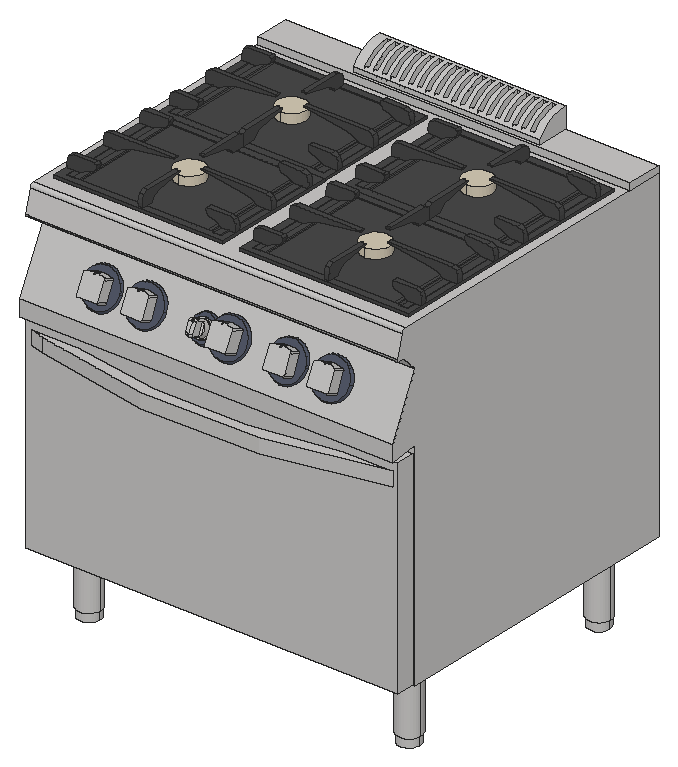
Revit family "QF_ZANUSSI_372148_Z7GCGH4CGA", category Specialty Equipment, Revit 2018 (continued)
Automatic sketch dimensions
  Extrusion 19 sketch curve to Extrusion 19 sketch curve = 2.997 mm  (x3)
  Extrusion 19 sketch curve to Extrusion 19 sketch curve = 20.003 mm  (x2)
  Extrusion 19 sketch curve to Extrusion 19 sketch curve = 40.005 mm
  Extrusion 19 sketch curve to Extrusion 19 sketch curve = 0 mm  (x2)
  Extrusion 19 sketch curve to Extrusion 19 sketch curve = 40.037 mm
  Extrusion 19 sketch curve to Extrusion 19 sketch curve = 5.399 mm
  Split face 2 sketch curve to Split face 2 sketch curve = 6 mm
  Split face 2 sketch curve to Split face 2 sketch curve = 10 mm
  Split face 3 sketch curve to Split face 3 sketch curve = 5 mm
  Split face 3 sketch curve to Split face 3 sketch curve = 9 mm
  Split face 4 sketch curve to Split face 4 sketch curve = 5 mm
  Split face 5 sketch curve to Split face 5 sketch curve = 5 mm
  Split face 6 sketch curve to Split face 6 sketch curve = 6 mm
  Split face 6 sketch curve to Split face 6 sketch curve = 10 mm
  Split face 7 sketch curve to Split face 7 sketch curve = 5 mm
  Split face 7 sketch curve to Split face 7 sketch curve = 9 mm
  Split face 8 sketch curve to Split face 8 sketch curve = 5 mm
  Split face 9 sketch curve to Split face 9 sketch curve = 5 mm
  Blend 20 sketch curve to plane 7 "Center Y" = 25.5 mm  (x2)
  plane 7 "Center Y" to Blend 20 sketch curve = 27.5 mm  (x2)
  Blend 20 sketch curve to Blend 20 sketch curve = 0 mm  (x2)
  Blend 20 sketch curve to plane 7 "Center Y" = 7.55 mm
  Blend 20 sketch curve to Blend 20 sketch curve = 24.037 mm
  Blend 20 sketch curve to plane 7 "Center Y" = 7.078 mm
  Blend 20 sketch curve to Blend 20 sketch curve = 21.086 mm
  Extrusion 21 sketch curve to plane 7 "Center Y" = 27.501 mm
  plane 12 "panel" to Revolve 22 sketch curve = 10 mm
  Revolve 22 sketch curve to plane 5 "FRONT" = 5.901 mm
  Revolve 22 sketch curve to Revolve 22 sketch curve = 13 mm
  Revolve 22 sketch curve to Revolve 22 sketch curve = 16 mm
  Revolve 22 sketch curve to Revolve 22 sketch curve = 27 mm
  Revolve 22 sketch curve to Revolve 22 sketch curve = 0 mm  (x2)
  Revolve 22 sketch curve to Revolve 22 sketch curve = 25.449 mm
  Extrusion 23 sketch curve to plane 7 "Center Y" = 44.393 mm
  Extrusion 23 sketch curve to Extrusion 23 sketch curve = 6.058 mm
  Extrusion 23 sketch curve to Extrusion 23 sketch curve = 0.01 mm  (x2)
  Extrusion 23 sketch curve to Extrusion 23 sketch curve = 8.895 mm  (x2)
  Extrusion 23 sketch curve to Extrusion 23 sketch curve = 15.995 mm
  Extrusion 23 sketch curve to Extrusion 23 sketch curve = 2.827 mm  (x3)
  plane 12 "panel" to Extrusion 23 sketch curve = 22 mm  (x2)
  Extrusion 23 sketch curve to Extrusion 23 sketch curve = 15.163 mm
  Extrusion 23 sketch curve to Extrusion 23 sketch curve = 15.173 mm
  plane 7 "Center Y" to Extrusion 24 sketch curve = 4.5 mm
  Extrusion 24 sketch curve to Extrusion 24 sketch curve = 2.997 mm  (x3)
  Extrusion 24 sketch curve to Extrusion 24 sketch curve = 20.003 mm  (x2)
  Extrusion 24 sketch curve to Extrusion 24 sketch curve = 40.005 mm
  Extrusion 24 sketch curve to Extrusion 24 sketch curve = 5.399 mm
  Extrusion 24 sketch curve to Extrusion 24 sketch curve = 40.037 mm
  Extrusion 24 sketch curve to Extrusion 24 sketch curve = 0 mm  (x2)
  Split face 42 sketch curve to Split face 42 sketch curve = 2.545 mm
  Split face 42 sketch curve to Split face 42 sketch curve = 4.379 mm
  plane 7 "Center Y" to Blend 25 sketch curve = 152.5 mm  (x2)
  plane 7 "Center Y" to Extrusion 26 sketch curve = 129.5 mm
  Extrusion 26 sketch curve to Extrusion 26 sketch curve = 2.997 mm  (x3)
  Extrusion 26 sketch curve to Extrusion 26 sketch curve = 20.003 mm  (x2)
  Extrusion 26 sketch curve to Extrusion 26 sketch curve = 40.005 mm
  Extrusion 26 sketch curve to Extrusion 26 sketch curve = 5.399 mm
  Extrusion 26 sketch curve to Extrusion 26 sketch curve = 40.037 mm
  Extrusion 26 sketch curve to Extrusion 26 sketch curve = 0 mm  (x2)
  plane 12 "panel" to Extrusion 27 sketch curve = 35 mm
  plane 5 "FRONT" to Extrusion 27 sketch curve = 5.671 mm
  Extrusion 27 sketch curve to Extrusion 27 sketch curve = 3 mm
  Extrusion 27 sketch curve to Extrusion 27 sketch curve = 0 mm  (x2)
  Extrusion 27 sketch curve to Extrusion 27 sketch curve = 1 mm
  Extrusion 27 sketch curve to Extrusion 27 sketch curve = 15 mm
  plane 7 "Center Y" to Extrusion 28 sketch curve = 135 mm
  Extrusion 28 sketch curve to Extrusion 28 sketch curve = 35 mm  (x2)
  plane 12 "panel" to Extrusion 29 sketch curve = 35 mm
  plane 5 "FRONT" to Extrusion 29 sketch curve = 5.671 mm
  Extrusion 29 sketch curve to Extrusion 29 sketch curve = 3 mm
  Extrusion 29 sketch curve to Extrusion 29 sketch curve = 0 mm
  Extrusion 29 sketch curve to Extrusion 29 sketch curve = 1 mm  (x2)
  Extrusion 29 sketch curve to Extrusion 29 sketch curve = 15 mm
  Extrusion 30 sketch curve to plane 4 "RIGHT" = 135 mm
  Extrusion 30 sketch curve to Extrusion 30 sketch curve = 35 mm  (x2)
  Blend 31 sketch curve to plane 4 "RIGHT" = 152.5 mm  (x2)
  Extrusion 32 sketch curve to plane 4 "RIGHT" = 129.5 mm
  Extrusion 32 sketch curve to Extrusion 32 sketch curve = 2.997 mm  (x3)
  Extrusion 32 sketch curve to Extrusion 32 sketch curve = 20.003 mm  (x2)
  Extrusion 32 sketch curve to Extrusion 32 sketch curve = 40.005 mm
  Extrusion 32 sketch curve to Extrusion 32 sketch curve = 0 mm  (x2)
  Extrusion 32 sketch curve to Extrusion 32 sketch curve = 40.037 mm
  Extrusion 32 sketch curve to Extrusion 32 sketch curve = 5.399 mm
  Split face 44 sketch curve to Split face 44 sketch curve = 6 mm
  Split face 44 sketch curve to Split face 44 sketch curve = 10 mm
  Split face 45 sketch curve to Split face 45 sketch curve = 5 mm
  Split face 45 sketch curve to Split face 45 sketch curve = 9 mm
  Split face 46 sketch curve to Split face 46 sketch curve = 5 mm
  Split face 47 sketch curve to Split face 47 sketch curve = 5 mm
  Split face 48 sketch curve to Split face 48 sketch curve = 6 mm
  Split face 48 sketch curve to Split face 48 sketch curve = 10 mm
  Split face 49 sketch curve to Split face 49 sketch curve = 5 mm
  Split face 49 sketch curve to Split face 49 sketch curve = 9 mm
  Split face 50 sketch curve to Split face 50 sketch curve = 5 mm
  Split face 51 sketch curve to Split face 51 sketch curve = 5 mm
  Extrusion 33 sketch curve to Extrusion 33 sketch curve = 0 mm  (x6)
  plane 5 "FRONT" to Extrusion 33 sketch curve = 0 mm  (x2)
  Extrusion 33 sketch curve to plane 7 "Center Y" = 0 mm
  Extrusion 33 sketch curve to plane 4 "RIGHT" = 103.605 mm
  Extrusion 33 sketch curve to plane 4 "RIGHT" = 10 mm
  Extrusion 33 sketch curve to plane 1 "BACK" = 537.5 mm
  plane 15 to Extrusion 33 sketch curve = 4.65 mm
  plane 5 "FRONT" to curve 193 = 0 mm
  plane 5 "FRONT" to curve 189 = 0 mm
  plane 5 "FRONT" to curve 188 = 0 mm
  plane 5 "FRONT" to curve 192 = 0 mm
  curve 187 to plane 7 "Center Y" = 19.503 mm
  curve 194 to plane 5 "FRONT" = 2.937 mm
  curve 187 to curve 194 = 7.998 mm
  curve 194 to curve 186 = 15.995 mm
  curve 187 to plane 15 = 10.977 mm
  curve 190 to curve 190 = 2.259 mm
  curve 189 to curve 190 = 0.319 mm
  curve 189 to curve 187 = 3.717 mm
  curve 190 to curve 189 = 1.423 mm
  curve 193 to curve 189 = 4.288 mm
  curve 189 to curve 194 = 0.001 mm
  curve 189 to curve 188 = 0.001 mm
  curve 191 to plane 15 = 0.716 mm
  curve 191 to curve 191 = 0.865 mm
  plane 15 to curve 191 = 1.976 mm
  curve 191 to curve 188 = 0.141 mm
  curve 186 to curve 188 = 3.718 mm
  curve 189 to curve 188 = 0 mm
  plane 5 "FRONT" to curve 187 = 1.224 mm
  plane 5 "FRONT" to curve 186 = 1.224 mm
  plane 5 "FRONT" to curve 192 = 4.847 mm
  curve 194 to curve 188 = 7.784 mm
  curve 188 to curve 189 = 0.003 mm
  plane 5 "FRONT" to curve 193 = 4.85 mm
  curve 189 to curve 190 = 0.047 mm
  plane 12 "panel" to Extrusion 34 sketch curve = 35 mm
  plane 5 "FRONT" to Extrusion 34 sketch curve = 5.671 mm
  Extrusion 34 sketch curve to Extrusion 34 sketch curve = 3 mm
  Extrusion 34 sketch curve to Extrusion 34 sketch curve = 0 mm  (x2)
  Extrusion 34 sketch curve to Extrusion 34 sketch curve = 1 mm
  Extrusion 34 sketch curve to Extrusion 34 sketch curve = 15 mm
  Extrusion 35 sketch curve to Extrusion 35 sketch curve = 0 mm  (x2)
  plane 12 "panel" to Extrusion 35 sketch curve = 24.768 mm
  Extrusion 35 sketch curve to plane 5 "FRONT" = 0.236 mm
  Extrusion 35 sketch curve to Extrusion 35 sketch curve = 1 mm
  Extrusion 35 sketch curve to Extrusion 35 sketch curve = 2.764 mm
  Extrusion 35 sketch curve to Extrusion 35 sketch curve = 2.616 mm
  Extrusion 35 sketch curve to Extrusion 35 sketch curve = 12.193 mm
  radius of Extrusion 7 sketch curve = 6.35 mm
  radius of Blend 12 sketch curve = 42.5 mm
  radius of Blend 12 sketch curve = 40.5 mm
  radius of Split face 1 sketch curve = 3 mm
  radius of Blend 18 sketch curve = 42.5 mm
  radius of Blend 18 sketch curve = 40.5 mm
  radius of Split face 10 sketch curve = 1.5 mm
  radius of Split face 11 sketch curve = 2.029 mm
  radius of Split face 12 sketch curve = 2.031 mm
  radius of Split face 13 sketch curve = 3.497 mm
  radius of Split face 14 sketch curve = 3.497 mm
  radius of Split face 15 sketch curve = 3 mm
  radius of Split face 16 sketch curve = 1.5 mm
  radius of Extrusion 21 sketch curve = 20 mm
  radius of Split face 17 sketch curve = 1 mm
  radius of Split face 18 sketch curve = 1 mm
  radius of Split face 19 sketch curve = 1 mm
  radius of Split face 20 sketch curve = 1 mm
  radius of Split face 21 sketch curve = 1 mm
  radius of Split face 22 sketch curve = 1 mm
  radius of Split face 23 sketch curve = 1 mm
  radius of Split face 24 sketch curve = 1 mm
  radius of Split face 25 sketch curve = 1 mm
  radius of Split face 26 sketch curve = 1 mm
  radius of Split face 27 sketch curve = 1 mm
  radius of Split face 28 sketch curve = 1 mm
  radius of Split face 29 sketch curve = 1 mm
  radius of Split face 30 sketch curve = 1 mm
  radius of Split face 31 sketch curve = 1 mm
  radius of Split face 32 sketch curve = 1 mm
  radius of Split face 33 sketch curve = 1 mm
  radius of Split face 34 sketch curve = 1 mm
  radius of Split face 35 sketch curve = 1 mm
  radius of Split face 36 sketch curve = 1 mm
  radius of Split face 37 sketch curve = 1 mm
  radius of Split face 38 sketch curve = 1 mm
  radius of Split face 39 sketch curve = 1 mm
  radius of Split face 40 sketch curve = 1.508 mm
  radius of Split face 41 sketch curve = 1.343 mm
  radius of Blend 25 sketch curve = 42.5 mm
  radius of Blend 25 sketch curve = 40.5 mm
  radius of Split face 43 sketch curve = 3 mm
  radius of Blend 31 sketch curve = 42.5 mm
  radius of Blend 31 sketch curve = 40.5 mm
  radius of Split face 52 sketch curve = 1.5 mm
  radius of Split face 53 sketch curve = 2.029 mm
  radius of Split face 54 sketch curve = 2.031 mm
  radius of Split face 55 sketch curve = 3.497 mm
  radius of Split face 56 sketch curve = 3.497 mm
  radius of Split face 57 sketch curve = 3 mm
  radius of Split face 58 sketch curve = 1.5 mm
Nested families
  nested 1: "QF_372002_BURNER" at (12.5, -5, 0), type "QF_372002_BURNER"
    with Type Mark "", Status "", Specification by User "", Revision Code "", Item Number "", Installed By "", Identify Quantity as Lot yes, Furnished By "", Foodservice Equipment Identifier yes
  nested 2: "QF_372002_BURNER" at (12.5, -739.715, 0), type "QF_372002_BURNER"
    with Type Mark "", Status "", Specification by User "", Revision Code "", Item Number "", Installed By "", Identify Quantity as Lot yes, Furnished By "", Foodservice Equipment Identifier yes
  nested 3: "QF_372002_BURNER" at (412.5, -5, 0), type "QF_372002_BURNER"
    with Type Mark "", Status "", Specification by User "", Revision Code "", Item Number "", Installed By "", Identify Quantity as Lot yes, Furnished By "", Foodservice Equipment Identifier yes
  nested 4: "QF_372002_BURNER" at (412.5, -739.715, 0), type "QF_372002_BURNER"
    with Type Mark "", Status "", Specification by User "", Revision Code "", Item Number "", Installed By "", Identify Quantity as Lot yes, Furnished By "", Foodservice Equipment Identifier yes
Connectors
  piping at (747.613, -464, 141.185), diameter 12.8
    settings: on Extrusion 7, index 1, connector inside diameter 0.50394", connector length 0 mm, flow factor 0, pipe flow 0 GPM, pressure drop 0.00 psi, fitting loss kfactor 0, connector angle 0.00°, fixture units 0, engagement length 0 mm, angle of deflection 0.00°, flow configuration 1, flow direction 1, fitting loss method 0, system type 7, joint type 0, gender type 0, connector reference index -1, connector utility 0, adjustable connector no, is connector primary yes, connector description "Gas Inlet"
Definition of nested family "QF_372002_BURNER"
  Parameters
    Weight in Pounds = 0
    URL Cutsheet = ""
    URL = "www.electrolux.com"
    Type Mark [instance] = ""
    Status [instance] = ""
    Specification by User [instance] = ""
    Specification by Manufacturer = ""
    Serial Number = ""
    Seismic Rating = ""
    SMACNA No = ""
    Revision Code [instance] = ""
    Omniclass Number and Title = ""
    NAFEM Spec ID Number = ""
    Model = "371009"
    Masterspec = ""
    Manufacturer = "ELECTROLUX"
    Item Number [instance] = ""
    Installed By [instance] = ""
    Identify Quantity as Lot [instance] = yes
    Furnished By [instance] = ""
    Foodservice Equipment Identifier [instance] = yes
    Description = ""
    CSI MasterFormat = ""
    CSI Master Format = ""
  Reference planes
    plane 1 "BACK": y = 0
    plane 2: z = 0
    plane 3 "LEFT": x = 0
    plane 4 "RIGHT": x = 800
    plane 5 "FRONT": y = -700
    plane 6 "TOP": z = 908.85
    plane 7 "Center Y": x = 400
    plane 8 "Center X": y = -350
    plane 9 "Base": z = 150
    plane 10: z = 850.85
  Forms (mm)
    Extrusion 1, solid
      sketch origin (0, -734.127, 5) x (1, 0, 0) y (0, 0, -1)
        loop
          arc (7.142, -850.85) -> (6.739, -862.989) -> (9.761, -874.752) r 42.809
          line (9.761, -874.752) -> (19.961, -879.425) -> (157.339, -879.425)
          arc (157.339, -879.425) -> (158.533, -878.312) -> (157.506, -877.043) r 1.197
          line (157.506, -877.043) -> (64.848, -864.021)
          arc (64.848, -864.021) -> (50.111, -858.738) -> (36.589, -850.85) r 85.245
          line (36.589, -850.85) -> (7.142, -850.85)
        loop
          line (367.858, -850.85) -> (338.411, -850.85)
          arc (338.411, -850.85) -> (324.889, -858.738) -> (310.152, -864.021) r 85.245
          line (310.152, -864.021) -> (217.494, -877.043)
          arc (217.494, -877.043) -> (216.467, -878.312) -> (217.661, -879.425) r 1.197
          line (217.661, -879.425) -> (355.039, -879.425) -> (365.239, -874.752)
          arc (365.239, -874.752) -> (368.261, -862.989) -> (367.858, -850.85) r 42.809
      from 224.564 to 234.564
    Extrusion 2, solid
      sketch origin (0, -734.127, 5) x (1, 0, 0) y (0, 0, -1)
        loop
          arc (7.056, -850.85) -> (6.705, -862.948) -> (9.748, -874.663) r 42.876
          line (9.748, -874.663) -> (19.961, -879.425) -> (65.851, -879.425)
          arc (65.851, -879.425) -> (68.577, -878.352) -> (69.841, -875.709) r 4
          arc (69.841, -875.709) -> (68.75, -869.25) -> (64.816, -864.012) r 13.87
          arc (64.816, -864.012) -> (50.096, -858.731) -> (36.589, -850.85) r 85.245
          line (36.589, -850.85) -> (7.056, -850.85)
        loop
          line (367.944, -850.85) -> (338.411, -850.85)
          arc (338.411, -850.85) -> (324.904, -858.731) -> (310.184, -864.012) r 85.245
          arc (310.184, -864.012) -> (306.25, -869.25) -> (305.159, -875.709) r 13.87
          arc (305.159, -875.709) -> (306.423, -878.352) -> (309.149, -879.425) r 4
          line (309.149, -879.425) -> (355.039, -879.425) -> (365.252, -874.663)
          arc (365.252, -874.663) -> (368.295, -862.948) -> (367.944, -850.85) r 42.876
      from 127.064 to 137.064
    Extrusion 3, solid
      sketch origin (0, -275, 5) x (1, 0, 0) y (0, 0, 1)
        loop
          arc (64.816, 864.012) -> (68.75, 869.25) -> (69.841, 875.709) r 13.87
          arc (69.841, 875.709) -> (68.577, 878.352) -> (65.851, 879.425) r 4
          line (65.851, 879.425) -> (19.961, 879.425) -> (9.748, 874.663)
          arc (9.748, 874.663) -> (6.705, 862.948) -> (7.056, 850.85) r 42.876
          line (7.056, 850.85) -> (36.589, 850.85)
          arc (36.589, 850.85) -> (50.096, 858.731) -> (64.816, 864.012) r 85.245
        loop
          arc (310.184, 864.012) -> (324.904, 858.731) -> (338.411, 850.85) r 85.245
          line (338.411, 850.85) -> (367.944, 850.85)
          arc (367.944, 850.85) -> (368.295, 862.948) -> (365.252, 874.663) r 42.876
          line (365.252, 874.663) -> (355.039, 879.425) -> (309.149, 879.425)
          arc (309.149, 879.425) -> (306.423, 878.352) -> (305.159, 875.709) r 4
          arc (305.159, 875.709) -> (306.25, 869.25) -> (310.184, 864.012) r 13.87
      from 127.064 to 137.064
    Extrusion 4, solid
      sketch origin (454.964, -29.48, 5) x (0, -1, 0) y (0, 0, 1)
        loop
          arc (366.649, 850.85) -> (375.927, 861.743) -> (389.337, 866.736) r 28.426
          line (389.337, 866.736) -> (441.256, 877.043)
          arc (441.256, 877.043) -> (442.283, 878.312) -> (441.089, 879.425) r 1.197
          line (441.089, 879.425) -> (347.797, 879.425)
          arc (347.797, 879.425) -> (343.211, 875.934) -> (337.583, 874.694) r 13.39
          line (337.583, 874.694) -> (337.583, 850.85) -> (366.649, 850.85)
        loop
          arc (606.236, 850.85) -> (606.587, 862.948) -> (603.543, 874.663) r 42.876
          line (603.543, 874.663) -> (593.33, 879.425) -> (509.077, 879.425)
          arc (509.077, 879.425) -> (507.883, 878.312) -> (508.911, 877.043) r 1.197
          line (508.911, 877.043) -> (560.83, 866.736)
          arc (560.83, 866.736) -> (574.239, 861.743) -> (583.518, 850.85) r 28.426
          line (583.518, 850.85) -> (606.236, 850.85)
      from 262.464 to 272.464
    Extrusion 5, solid
      sketch origin (0, 0, 850.85) x (0, -1, 0) y (1, 0, 0)
        loop
          line (642.216, 6.433) -> (642.216, 368.567) -> (367.857, 368.567) -> (367.857, 6.433) -> (642.216, 6.433)
        loop
          line (382.857, 21.433) -> (627.216, 21.433) -> (627.216, 353.567) -> (382.857, 353.567) -> (382.857, 21.433)
      from 0 to 5
    Extrusion 6, solid
      sketch origin (-12.5, 0, 855.85) x (0, -1, 0) y (1, 0, 0)
        loop
          circle (504.356, 200) r 30
      from -1.321 to 17.134
    Extrusion 7, solid
      sketch origin (0, -734.127, 0) x (1, 0, 0) y (0, 0, -1)
        loop
          line (21.433, -855.85) -> (36.589, -855.85)
          arc (36.589, -855.85) -> (40.561, -855.243) -> (44.305, -853.783) r 18.259
          arc (44.305, -853.783) -> (45.997, -853.366) -> (47.69, -853.783) r 3.649
          arc (47.69, -853.783) -> (49.901, -854.522) -> (52.232, -854.529) r 7.328
          line (52.232, -854.529) -> (322.768, -854.529)
          arc (322.768, -854.529) -> (325.099, -854.522) -> (327.31, -853.783) r 7.328
          arc (327.31, -853.783) -> (329.003, -853.366) -> (330.695, -853.783) r 3.649
          arc (330.695, -853.783) -> (334.439, -855.243) -> (338.411, -855.85) r 18.259
          line (338.411, -855.85) -> (353.567, -855.85) -> (353.567, -850.85) -> (21.433, -850.85) -> (21.433, -855.85)
      from 106.911 to 351.27
  Lines and regions (mm)
    symbolic lines
      curve 1: line (6.433, -642.216, 150) -> (368.567, -642.216, 150)
      curve 2: line (6.433, -367.857, 150) -> (6.433, -642.216, 150)
      curve 3: line (368.567, -367.857, 150) -> (192.5, -367.857, 150)
      curve 4: line (368.567, -642.216, 150) -> (368.567, -367.857, 150)
      curve 5: line (353.567, -382.857, 150) -> (192.5, -382.857, 150)
      curve 6: line (353.567, -627.216, 150) -> (353.567, -607.064, 150)
      curve 7: line (21.433, -627.216, 150) -> (182.5, -627.216, 150)
      curve 8: line (21.433, -382.857, 150) -> (21.433, -402.064, 150)
      curve 9: line (52.232, -627.216, 150) -> (52.232, -607.064, 150)
      curve 10: line (322.567, -382.857, 150) -> (322.567, -402.064, 150)
      curve 11: line (148.125, -499.564, 150) -> (148.125, -382.857, 150)
      curve 12: line (154.375, -382.857, 150) -> (154.375, -499.564, 150)
      curve 13: arc (148.297, -509.564, 150) -> (159.191, -533.254, 150) -> (182.5, -544.942, 150) r 39.375
      curve 14: arc (220.42, -509.564, 150) -> (211.39, -528.832, 150) -> (192.5, -538.631, 150) r 33.125
      curve 15: line (220.625, -382.857, 150) -> (220.625, -499.564, 150)
      curve 16: line (226.875, -499.564, 150) -> (226.875, -382.857, 150)
      curve 17: line (192.5, -636.339, 150) -> (192.5, -535.619, 150)
      curve 18: arc (182.657, -474.75, 150) -> (166.195, -483.236, 150) -> (157.853, -499.771, 150) r 30
      curve 19: arc (192.224, -533.982, 150) -> (208.621, -525.661, 150) -> (217.084, -509.337, 150) r 30
      curve 20: line (368.567, -597.064, 150) -> (305.159, -597.064, 150)
      curve 21: line (6.433, -607.064, 150) -> (69.841, -607.064, 150)
      curve 22: line (6.433, -509.564, 150) -> (156.429, -509.564, 150)
      curve 23: line (368.567, -499.564, 150) -> (218.571, -499.564, 150)
      curve 24: line (6.433, -412.064, 150) -> (69.841, -412.064, 150)
      curve 25: line (368.567, -402.064, 150) -> (305.159, -402.064, 150)
      curve 26: line (69.841, -597.064, 150) -> (6.433, -597.064, 150)
      curve 27: line (305.159, -607.064, 150) -> (368.567, -607.064, 150)
      curve 28: line (69.841, -402.064, 150) -> (6.433, -402.064, 150)
      curve 29: line (305.159, -412.064, 150) -> (368.567, -412.064, 150)
      curve 30: arc (69.841, -597.064, 150) -> (74.841, -602.064, 150) -> (69.841, -607.064, 150) r 5
      curve 31: arc (305.159, -607.064, 150) -> (300.159, -602.064, 150) -> (305.159, -597.064, 150) r 5
      curve 32: arc (69.841, -402.064, 150) -> (74.841, -407.064, 150) -> (69.841, -412.064, 150) r 5
      curve 33: arc (305.159, -412.064, 150) -> (300.159, -407.064, 150) -> (305.159, -402.064, 150) r 5
      curve 34: line (21.433, -412.064, 150) -> (21.433, -499.564, 150)
      curve 35: line (52.232, -402.064, 150) -> (52.232, -382.857, 150)
      curve 36: line (21.433, -509.564, 150) -> (21.433, -597.064, 150)
      curve 37: line (52.232, -499.564, 150) -> (52.232, -412.064, 150)
      curve 38: line (52.232, -597.064, 150) -> (52.232, -509.564, 150)
      curve 39: line (21.433, -607.064, 150) -> (21.433, -627.216, 150)
      curve 40: line (322.567, -607.064, 150) -> (322.567, -627.216, 150)
      curve 41: line (353.567, -597.064, 150) -> (353.567, -509.564, 150)
      curve 42: line (322.567, -509.564, 150) -> (322.567, -597.064, 150)
      curve 43: line (353.567, -499.564, 150) -> (353.567, -412.064, 150)
      curve 44: line (353.567, -402.064, 150) -> (353.567, -382.857, 150)
      curve 45: line (322.567, -412.064, 150) -> (322.567, -499.564, 150)
      curve 46: line (156.429, -499.564, 150) -> (6.433, -499.564, 150)
      curve 47: line (218.571, -509.564, 150) -> (368.567, -509.564, 150)
      curve 48: arc (218.571, -499.564, 150) -> (213.571, -504.564, 150) -> (218.571, -509.564, 150) r 5
      curve 49: arc (156.429, -499.564, 150) -> (161.429, -504.564, 150) -> (156.429, -509.564, 150) r 5
      curve 50: arc (157.916, -509.337, 150) -> (166.379, -525.661, 150) -> (182.776, -533.982, 150) r 30
      curve 51: arc (217.147, -499.771, 150) -> (208.805, -483.236, 150) -> (192.343, -474.75, 150) r 30
      curve 52: line (182.5, -535.619, 150) -> (182.5, -636.339, 150)
      curve 53: line (192.5, -473.508, 150) -> (192.5, -367.064, 150)
      curve 54: arc (192.5, -535.619, 150) -> (187.5, -530.619, 150) -> (182.5, -535.619, 150) r 5
      curve 55: arc (192.5, -473.508, 150) -> (187.5, -478.508, 150) -> (182.5, -473.508, 150) r 5
      curve 56: line (182.5, -367.857, 150) -> (6.433, -367.857, 150)
      curve 57: line (182.5, -382.857, 150) -> (21.433, -382.857, 150)
      curve 58: arc (192.5, -404.571, 150) -> (196.398, -417.071, 150) -> (192.5, -429.571, 150) r 21.993
      curve 59: arc (196.181, -420.148, 150) -> (199.482, -417.071, 150) -> (196.181, -413.995, 150) r 3.084
      curve 60: arc (182.5, -404.571, 150) -> (178.602, -417.071, 150) -> (182.5, -429.571, 150) r 21.993
      curve 61: arc (178.819, -420.148, 150) -> (175.518, -417.071, 150) -> (178.819, -413.995, 150) r 3.084
      curve 62: line (182.5, -367.064, 150) -> (182.5, -473.508, 150)
      curve 63: arc (182.5, -538.631, 150) -> (163.61, -528.832, 150) -> (154.58, -509.564, 150) r 33.125
      curve 64: arc (192.5, -544.942, 150) -> (215.809, -533.254, 150) -> (226.703, -509.564, 150) r 39.375
      curve 65: line (182.5, -636.339, 150) -> (192.5, -636.339, 150)
      curve 66: line (182.5, -377.277, 150) -> (192.5, -377.277, 150)
      curve 67: line (182.5, -367.064, 150) -> (192.5, -367.064, 150)
      curve 68: line (192.5, -627.216, 150) -> (353.567, -627.216, 150)
  Dimensions and locks
    equal spacing: plane 3 "LEFT", plane 7 "Center Y", plane 4 "RIGHT"
    plane 3 "LEFT" to plane 4 "RIGHT" = 800 mm
    equal spacing: plane 5 "FRONT", plane 8 "Center X", plane 1 "BACK"
    plane 5 "FRONT" to plane 1 "BACK" = 700 mm
    plane 6 "TOP" to level = 908.85 mm
    plane 9 "Base" to level = 150 mm
    plane 6 "TOP" to plane 10 = 58 mm  (x2)
    aligned and locked: level to plane 2
  Automatic sketch dimensions
    Extrusion 5 sketch curve to Extrusion 5 sketch curve = 15 mm  (x2)
    Extrusion 5 sketch curve to Extrusion 5 sketch curve = 332.134 mm
    plane 3 "LEFT" to Extrusion 2 sketch curve = 7.056 mm
    plane 3 "LEFT" to Extrusion 2 sketch curve = 9.748 mm
    Extrusion 2 sketch curve to Extrusion 2 sketch curve = 10.213 mm  (x2)
    plane 10 to Extrusion 2 sketch curve = 5 mm  (x2)
    Extrusion 2 sketch curve to Extrusion 2 sketch curve = 29.533 mm
    Extrusion 2 sketch curve to Extrusion 2 sketch curve = 12.72 mm  (x2)
    Extrusion 2 sketch curve to Extrusion 2 sketch curve = 6.697 mm
    Extrusion 2 sketch curve to Extrusion 2 sketch curve = 8.81 mm
    Extrusion 2 sketch curve to Extrusion 2 sketch curve = 9.845 mm  (x2)
    Extrusion 2 sketch curve to Extrusion 2 sketch curve = 3.99 mm  (x2)
    Extrusion 2 sketch curve to Extrusion 2 sketch curve = 0 mm  (x2)
    Extrusion 2 sketch curve to Extrusion 2 sketch curve = 36.813 mm
    Extrusion 2 sketch curve to plane 7 "Center Y" = 111.122 mm
    Extrusion 2 sketch curve to plane 6 "TOP" = 28.141 mm
    Extrusion 2 sketch curve to plane 7 "Center Y" = 94.841 mm
    Extrusion 2 sketch curve to Extrusion 2 sketch curve = 1.035 mm
    Extrusion 2 sketch curve to Extrusion 2 sketch curve = 15.507 mm
    Extrusion 2 sketch curve to Extrusion 2 sketch curve = 16.628 mm
    Extrusion 2 sketch curve to Extrusion 2 sketch curve = 2.692 mm
    Extrusion 2 sketch curve to plane 6 "TOP" = 24.425 mm
    Extrusion 2 sketch curve to Extrusion 2 sketch curve = 28.575 mm
    Extrusion 2 sketch curve to Extrusion 2 sketch curve = 3.716 mm
    Extrusion 2 sketch curve to Extrusion 2 sketch curve = 4.763 mm  (x2)
    plane 3 "LEFT" to Extrusion 1 sketch curve = 7.142 mm
    plane 3 "LEFT" to Extrusion 1 sketch curve = 9.761 mm
    Extrusion 1 sketch curve to Extrusion 1 sketch curve = 10.201 mm  (x2)
    plane 10 to Extrusion 1 sketch curve = 5 mm  (x2)
    Extrusion 1 sketch curve to Extrusion 1 sketch curve = 29.447 mm
    Extrusion 1 sketch curve to Extrusion 1 sketch curve = 12.704 mm  (x2)
    Extrusion 1 sketch curve to Extrusion 1 sketch curve = 15.555 mm  (x2)
    Extrusion 1 sketch curve to Extrusion 1 sketch curve = 36.829 mm
    Extrusion 1 sketch curve to plane 6 "TOP" = 24.425 mm  (x2)
    Extrusion 1 sketch curve to Extrusion 1 sketch curve = 92.491 mm
    Extrusion 1 sketch curve to plane 6 "TOP" = 26.807 mm  (x2)
    Extrusion 1 sketch curve to Extrusion 1 sketch curve = 0.167 mm  (x2)
    Extrusion 1 sketch curve to Extrusion 1 sketch curve = 59.988 mm
    Extrusion 1 sketch curve to plane 7 "Center Y" = 111.122 mm
    plane 10 to Extrusion 1 sketch curve = 18.171 mm
    Extrusion 1 sketch curve to Extrusion 1 sketch curve = 21.274 mm
    Extrusion 1 sketch curve to Extrusion 1 sketch curve = 16.628 mm
    Extrusion 1 sketch curve to Extrusion 1 sketch curve = 2.618 mm
    Extrusion 1 sketch curve to Extrusion 1 sketch curve = 4.673 mm  (x2)
    Extrusion 1 sketch curve to Extrusion 1 sketch curve = 5.694 mm
    plane 3 "LEFT" to Extrusion 3 sketch curve = 7.056 mm
    plane 3 "LEFT" to Extrusion 3 sketch curve = 9.748 mm
    Extrusion 3 sketch curve to Extrusion 3 sketch curve = 10.213 mm  (x2)
    plane 10 to Extrusion 3 sketch curve = 5 mm  (x2)
    Extrusion 3 sketch curve to Extrusion 3 sketch curve = 29.533 mm
    Extrusion 3 sketch curve to Extrusion 3 sketch curve = 12.72 mm  (x2)
    Extrusion 3 sketch curve to Extrusion 3 sketch curve = 6.697 mm
    Extrusion 3 sketch curve to Extrusion 3 sketch curve = 8.81 mm
    Extrusion 3 sketch curve to Extrusion 3 sketch curve = 9.845 mm  (x2)
    Extrusion 3 sketch curve to Extrusion 3 sketch curve = 3.99 mm  (x2)
    Extrusion 3 sketch curve to Extrusion 3 sketch curve = 0 mm  (x2)
    Extrusion 3 sketch curve to Extrusion 3 sketch curve = 36.813 mm
    Extrusion 3 sketch curve to plane 7 "Center Y" = 111.122 mm
    Extrusion 3 sketch curve to plane 6 "TOP" = 28.141 mm
    Extrusion 3 sketch curve to plane 7 "Center Y" = 94.841 mm
    Extrusion 3 sketch curve to Extrusion 3 sketch curve = 1.035 mm
    Extrusion 3 sketch curve to Extrusion 3 sketch curve = 15.507 mm
    Extrusion 3 sketch curve to Extrusion 3 sketch curve = 16.628 mm
    Extrusion 3 sketch curve to Extrusion 3 sketch curve = 2.692 mm
    Extrusion 3 sketch curve to plane 10 = 64.377 mm  (x2)
    plane 10 to Extrusion 3 sketch curve = 12.281 mm  (x2)
    Extrusion 3 sketch curve to Extrusion 3 sketch curve = 10.713 mm
    Extrusion 5 to Extrusion 6 sketch curve = 121.499 mm
    Extrusion 5 to Extrusion 6 sketch curve = 166.067 mm
    plane 3 "LEFT" to Extrusion 5 sketch curve = 21.433 mm
    Extrusion 5 sketch curve to plane 5 "FRONT" = 72.784 mm
    plane 3 "LEFT" to Extrusion 7 sketch curve = 21.433 mm
    Extrusion 7 sketch curve to Extrusion 7 sketch curve = 14.402 mm
    plane 10 to Extrusion 7 sketch curve = 5 mm
    plane 10 to Extrusion 7 sketch curve = 2.933 mm  (x4)
    Extrusion 7 sketch curve to Extrusion 7 sketch curve = 7.716 mm  (x2)
    Extrusion 7 sketch curve to Extrusion 7 sketch curve = 0 mm  (x2)
    Extrusion 7 sketch curve to Extrusion 7 sketch curve = 1.692 mm  (x2)
    Extrusion 7 sketch curve to Extrusion 7 sketch curve = 3.385 mm  (x2)
    Extrusion 7 sketch curve to plane 10 = 3.559 mm  (x2)
    Extrusion 7 sketch curve to Extrusion 7 sketch curve = 302.478 mm
    Extrusion 7 sketch curve to Extrusion 7 sketch curve = 15.253 mm
    Extrusion 7 sketch curve to Extrusion 7 sketch curve = 15.156 mm  (x2)
    Extrusion 7 sketch curve to Extrusion 7 sketch curve = 3.233 mm
    Extrusion 7 sketch curve to plane 10 = 0 mm
    Extrusion 7 sketch curve to plane 7 "Center Y" = 77.232 mm
    Extrusion 5 sketch curve to plane 8 "Center X" = 32.857 mm
    plane 3 "LEFT" to Extrusion 5 sketch curve = 6.433 mm
    plane 1 "BACK" to Extrusion 5 sketch curve = 367.857 mm
    plane 10 to Extrusion 4 sketch curve = 5 mm  (x2)
    Extrusion 4 sketch curve to Extrusion 4 sketch curve = 29.066 mm
    Extrusion 4 sketch curve to Extrusion 4 sketch curve = 22.688 mm
    Extrusion 4 sketch curve to plane 10 = 7.392 mm  (x2)
    Extrusion 4 sketch curve to Extrusion 4 sketch curve = 25.583 mm
    Extrusion 4 sketch curve to plane 6 "TOP" = 24.425 mm  (x2)
    Extrusion 4 sketch curve to Extrusion 4 sketch curve = 51.752 mm
    Extrusion 4 sketch curve to Extrusion 4 sketch curve = 0.167 mm  (x2)
    Extrusion 4 sketch curve to plane 6 "TOP" = 26.807 mm
    Extrusion 4 sketch curve to Extrusion 4 sketch curve = 67.655 mm
    Extrusion 4 sketch curve to Extrusion 4 sketch curve = 49.024 mm
    Extrusion 4 sketch curve to Extrusion 4 sketch curve = 2.895 mm
    Extrusion 4 sketch curve to Extrusion 4 sketch curve = 3.153 mm
    Extrusion 4 sketch curve to Extrusion 4 sketch curve = 19.535 mm
    Extrusion 4 sketch curve to Extrusion 4 sketch curve = 9.813 mm
    Extrusion 4 sketch curve to Extrusion 4 sketch curve = 10.213 mm
    Extrusion 4 sketch curve to Extrusion 4 sketch curve = 22.718 mm
    Extrusion 4 sketch curve to Extrusion 4 sketch curve = 8.605 mm
    Extrusion 4 sketch curve to Extrusion 4 sketch curve = 4.731 mm
    Extrusion 4 sketch curve to Extrusion 4 sketch curve = 2.382 mm
    Extrusion 4 sketch curve to Extrusion 4 sketch curve = 8.658 mm
    Extrusion 4 sketch curve to plane 8 "Center X" = 17.064 mm
    curve 13 to curve 14 = 0 mm  (x2)
    curve 13 to curve 63 = 0 mm  (x2)
    curve 13 to curve 64 = 0 mm  (x2)
    curve 18 to curve 19 = 0 mm  (x2)
    curve 18 to curve 50 = 0 mm  (x2)
    curve 18 to curve 51 = 0 mm  (x2)
    curve 25 to plane 7 "Center Y" = 31.433 mm
    curve 3 to curve 44 = 15 mm
    curve 43 to curve 44 = 0 mm
    curve 1 to curve 68 = 15 mm
    curve 41 to curve 43 = 0 mm
    curve 6 to curve 40 = 31 mm
    curve 41 to curve 42 = 31 mm
    curve 43 to curve 45 = 31 mm
    curve 10 to curve 45 = 0 mm
    curve 40 to curve 27 = 17.408 mm
    curve 45 to curve 29 = 17.408 mm
    curve 16 to curve 64 = 0.172 mm
    curve 16 to curve 15 = 6.25 mm
    curve 64 to curve 14 = 6.283 mm
    curve 15 to curve 23 = 2.054 mm
    curve 23 to curve 51 = 1.424 mm
    curve 47 to curve 19 = 1.487 mm
    curve 15 to curve 60 = 20.029 mm
    curve 60 to curve 59 = 4.198 mm
    curve 59 to curve 59 = 0.216 mm  (x2)
    curve 19 to curve 64 = 24.584 mm
    curve 55 to curve 51 = 0.157 mm
    curve 54 to curve 19 = 0.276 mm
    curve 19 to curve 64 = 4.724 mm
    curve 18 to curve 13 = 0 mm
    curve 54 to curve 54 = 5 mm
    curve 50 to curve 54 = 0.276 mm
    curve 18 to curve 55 = 0.157 mm
    curve 60 to curve 61 = 3.681 mm
    curve 61 to curve 61 = 0 mm
    curve 61 to curve 61 = 0.216 mm
    curve 61 to curve 58 = 4.198 mm
    curve 13 to curve 50 = 29.584 mm
    curve 50 to curve 18 = 0.064 mm
    curve 50 to curve 22 = 1.487 mm
    curve 22 to curve 63 = 1.849 mm
    curve 49 to curve 12 = 2.054 mm
    curve 63 to curve 13 = 6.283 mm
    curve 12 to curve 11 = 6.25 mm
    plane 3 "LEFT" to curve 30 = 69.841 mm
    plane 3 "LEFT" to curve 28 = 69.841 mm
    plane 3 "LEFT" to curve 38 = 52.232 mm
    curve 24 to curve 37 = 17.609 mm
    curve 9 to curve 38 = 0 mm
    curve 28 to curve 35 = 17.609 mm
    plane 3 "LEFT" to curve 39 = 21.433 mm
    plane 3 "LEFT" to curve 8 = 21.433 mm
    curve 34 to curve 8 = 0 mm
    curve 36 to curve 34 = 0 mm
    plane 3 "LEFT" to curve 21 = 6.433 mm
    curve 67 to curve 56 = 0.794 mm
    curve 67 to curve 3 = 0.794 mm
    curve 56 to curve 66 = 9.419 mm
    curve 10 to curve 33 = 19.206 mm
    curve 8 to curve 8 = 19.206 mm
    curve 57 to curve 60 = 21.714 mm
    curve 60 to curve 58 = 0 mm
    curve 28 to curve 32 = 5 mm
    curve 33 to curve 33 = 5 mm
    curve 58 to curve 59 = 9.423 mm
    curve 61 to curve 58 = 3.077 mm
    curve 60 to curve 62 = 43.937 mm
    curve 51 to curve 15 = 24.814 mm
    curve 23 to curve 51 = 0.207 mm
    curve 18 to curve 13 = 1.529 mm
    curve 38 to curve 38 = 87.5 mm
    curve 42 to curve 31 = 87.5 mm
    curve 26 to curve 30 = 5 mm
    curve 31 to curve 31 = 5 mm
    curve 9 to curve 9 = 20.152 mm
    curve 65 to plane 5 "FRONT" = 63.661 mm
    curve 6 to curve 4 = 15 mm
    curve 55 to curve 55 = 5 mm
    curve 53 to curve 18 = 5 mm
    curve 45 to curve 16 = 95.692 mm
    curve 2 to curve 57 = 15 mm
    curve 10 to plane 8 "Center X" = 32.857 mm
    curve 57 to plane 8 "Center X" = 32.857 mm
    curve 6 to curve 68 = 20.152 mm
    radius of Extrusion 6 sketch curve = 30 mm
